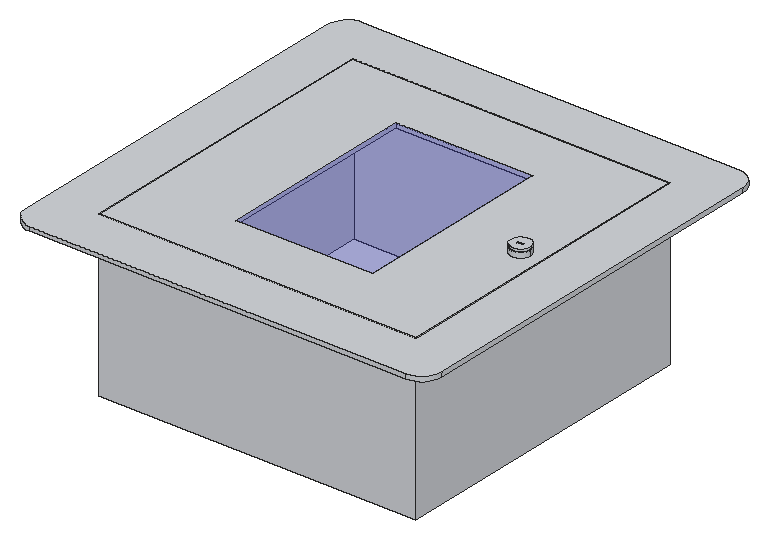
Revit family "MI-VB-SM", category Generic Models, host Face, Revit 2018
Family settings
  Host = Face
  Can host rebar = No
  Round Connector Dimension = Use Diameter
  Part Type = Normal
  Cut with Voids When Loaded = No
  Shared = No
  Room Calculation Point = No
Parameters (values of type "8” x 8” x 4”")
  Width = 0' - 8"
  URL = "WWW.MIFAB.COM"
  Model = "MI-VB-SM"
  Material = none
  Manufacturer = "MIFAB"
  Height = 0' - 8"
  Description = "VALVE BOX"
  Depth = 0' - 4"
  Default Elevation = 4' - 0"
Types (13): name | Width | Height | Depth
  (no name) | 0' - 8" | 0' - 8" | 0' - 4"
  8” x 8” x 4” | 0' - 8" | 0' - 8" | 0' - 4"
  8” x 8” x 6” | 0' - 8" | 0' - 8" | 0' - 6"
  8” x 8” x 8” | 0' - 8" | 0' - 8" | 0' - 8"
  12” x 12” x 4” | 1' - 0" | 1' - 0" | 0' - 4"
  12” x 12” x 6” | 1' - 0" | 1' - 0" | 0' - 6"
  12” x 12” x 8” | 1' - 0" | 1' - 0" | 0' - 8"
  14” x 14” x 4” | 1' - 2" | 1' - 2" | 0' - 4"
  14” x 14” x 6” | 1' - 2" | 1' - 2" | 0' - 6"
  14” x 14” x 8” | 1' - 2" | 1' - 2" | 0' - 8"
  16” x 16” x 4” | 1' - 4" | 1' - 4" | 0' - 4"
  16” x 16” x 6” | 1' - 4" | 1' - 4" | 0' - 6"
  16” x 16” x 8” | 1' - 4" | 1' - 4" | 0' - 8"
Reference planes (in)
  plane 1 "Center (Front/Back)": y = 0
  plane 2: z = 0
  plane 3 "Center (Left/Right)": x = 0
  plane 4: x = -4
  plane 5: x = 4
  plane 6: y = 4
  plane 7: y = -4
  plane 8 "1": x = 3.4375
  plane 9: x = 5.25
  plane 10: x = -5.25
  plane 11: y = 5.25
  plane 12: y = -5.25
  plane 13: z = 0.31435
  plane 14 "2": z = -4
  plane 15: z = 0.10937
  plane 16 "3": z = -3.88572
  plane 17: x = -1.72647
  plane 18: x = 1.72647
  plane 19: y = 2.52058
  plane 20: y = -2.52058
Forms (in)
  Extrusion 1, void
    sketch origin (0, 0, 0) x (1, 0, 0) y (0, 1, 0)
      loop
        line (-4.11811, 4.11811) -> (-4.11811, -4.11811) -> (4.11811, -4.11811) -> (4.11811, 4.11811) -> (-4.11811, 4.11811)
    from -4 to 0
  Sweep 2, solid, material <- "Material"
    path origin (0, 0, 0.07812) x (1, 0, 0) y (0, 1, 0)
      loop
        line (4, 4) -> (-4, 4) -> (-4, -4) -> (4, -4) -> (4, 4)
    profile origin (4, 0, 0.07812) x (1, 0, 0) y (0, 0, 1)
      loop
        line (-0.11648, -4.07812) -> (0, -4.07812) -> (0, 0.03125) -> (-0.11648, 0.03125) -> (-0.11648, -4.07812)
  Sweep 3, solid, material <- "Material"
    path origin (0, 0, 0.07812) x (1, 0, 0) y (0, 1, 0)
      loop
        line (4, 4) -> (-4, 4) -> (-4, -4) -> (4, -4) -> (4, 4)
    profile origin (4, 0, 0.07812) x (1, 0, 0) y (0, 0, 1)
      loop
        line (-0.37646, -0.07813) -> (-0.37646, -0.12527) -> (-0.16431, -0.12527) -> (-0.16431, -0.31211) -> (-0.11648, -0.31211) -> (-0.11648, -0.07813) -> (-0.37646, -0.07813)
  Extrusion 4, solid, material <- "Material"
    sketch origin (0, 0, 0.07812) x (1, 0, 0) y (0, 1, 0)
      loop
        line (-3.88352, 3.88352) -> (-3.88352, -3.88352) -> (3.88352, -3.88352) -> (3.88352, 3.88352) -> (-3.88352, 3.88352)
      loop
        line (1.72647, 2.52058) -> (-1.72647, 2.52058) -> (-1.72647, -2.52058) -> (1.72647, -2.52058) -> (1.72647, 2.52058)
    from -0.07813 to 0.03125
  Extrusion 5, solid
    sketch origin (0, 0, 0) x (1, 0, 0) y (0, 1, 0)
      loop
        line (-4, 4) -> (-4, -4) -> (4, -4) -> (4, 4) -> (-4, 4)
      loop
        arc (-4.75, 5.25) -> (-5.10355, 5.10355) -> (-5.25, 4.75) r 0.5
        line (-5.25, 4.75) -> (-5.25, -4.75)
        arc (-5.25, -4.75) -> (-5.10355, -5.10355) -> (-4.75, -5.25) r 0.5
        line (-4.75, -5.25) -> (4.75, -5.25)
        arc (4.75, -5.25) -> (5.10355, -5.10355) -> (5.25, -4.75) r 0.5
        line (5.25, -4.75) -> (5.25, 4.75)
        arc (5.25, 4.75) -> (5.10355, 5.10355) -> (4.75, 5.25) r 0.5
        line (4.75, 5.25) -> (-4.75, 5.25)
    from 0 to 0.10937
  Extrusion 6, solid, material <- "Material"
    sketch origin (0, 0, 0) x (1, 0, 0) y (0, 1, 0)
      loop
        line (-4, 4) -> (-4, -4) -> (4, -4) -> (4, 4) -> (-4, 4)
    from -4 to -3.88572
  Extrusion 7, solid, material "Glass"
    sketch origin (0, 0, 0) x (1, 0, 0) y (0, 1, 0)
      loop
        line (-1.72647, 2.52058) -> (-1.72647, -2.52058) -> (1.72647, -2.52058) -> (1.72647, 2.52058) -> (-1.72647, 2.52058)
    from 0 to 0.10937
Cuts and joins
  joined: Sweep 2, Extrusion 4, Extrusion 6
Dimensions and locks (in)
  equal spacing: plane 7, plane 1 "Center (Front/Back)", plane 6
  "Height": plane 7 to plane 6
  equal spacing: plane 4, plane 3 "Center (Left/Right)", plane 5
  "Width": plane 4 to plane 5
  locked: plane 8 "1" to plane 5 at 0.5625
  locked: plane 5 to plane 9 at 1.25
  locked: plane 10 to plane 4 at 1.25
  locked: plane 12 to plane 7 at 1.25
  locked: plane 11 to plane 6 at 1.25
  locked: plane 13 to profile plane at 0.23622
  plane 2 to plane 14 "2" = 0' - 4"
  plane 9 to plane 5 = 0' - 1 1/4"
  locked: plane 16 "3" to plane 14 "2" at 0.11428
  "Depth": plane 2 to plane 14 "2"
  equal spacing: plane 20, plane 1 "Center (Front/Back)", plane 19
  equal spacing: plane 17, plane 3 "Center (Left/Right)", plane 18
  aligned and locked: plane 2 to host face
  aligned and locked: level to host face
  aligned and locked: plane 2 to Extrusion 1
  aligned and locked: Extrusion 1 to Sweep 2
  aligned and locked: plane 14 "2" to Sweep 2 sketch curve
  aligned and locked: nested 1 to plane 8 "1"
  aligned and locked: plane 15 to Sweep 2 sketch curve
  aligned and locked: Sweep 2 to Sweep 3 sketch curve
  aligned and locked: Sweep 3 sketch curve to host face
  aligned and locked: Extrusion 4 to Sweep 2  (x4)
  aligned and locked: Extrusion 5 sketch curve to cut or joined group of Sweep 2, Extrusion 4, Extrusion 6  (x4)
  aligned and locked: Extrusion 5 sketch curve to plane 11
  aligned and locked: Extrusion 5 sketch curve to plane 10
  aligned and locked: Extrusion 5 sketch curve to plane 12
  aligned and locked: Extrusion 5 sketch curve to plane 9
  aligned and locked: Extrusion 5 to level
  aligned and locked: plane 15 to Extrusion 5
  aligned and locked: Extrusion 6 sketch curve to cut or joined group of Sweep 2, Extrusion 4, Extrusion 6  (x4)
  aligned and locked: Extrusion 6 to plane 14 "2"
  aligned and locked: plane 16 "3" to Extrusion 6
  aligned and locked: plane 18 to Extrusion 4 sketch curve
  aligned and locked: Extrusion 4 sketch curve to plane 19
  aligned and locked: Extrusion 4 sketch curve to plane 17
  aligned and locked: plane 20 to Extrusion 4 sketch curve
  aligned and locked: Extrusion 7 sketch curve to plane 19
  aligned and locked: Extrusion 7 sketch curve to plane 17
  aligned and locked: plane 18 to Extrusion 7 sketch curve
  aligned and locked: plane 20 to Extrusion 7 sketch curve
  aligned and locked: Extrusion 7 to level
  aligned and locked: plane 15 to Extrusion 7
Automatic sketch dimensions
  host sketch curve to host sketch curve = 2' - 11.04211"
  host sketch curve to host sketch curve = 2' - 10.95233"
  Extrusion 1 sketch curve to plane 4 = 0' - 0.11811"
  Extrusion 1 sketch curve to plane 5 = 0' - 0.11811"
  plane 7 to Extrusion 1 sketch curve = 0' - 0.11811"
  plane 6 to Extrusion 1 sketch curve = 0' - 0.11811"
  Sweep 2 sketch curve to plane 4 = 0' - 0"
  Sweep 2 sketch curve to plane 5 = 0' - 0"
  plane 7 to Sweep 2 sketch curve = 0' - 0"
  Sweep 2 sketch curve to plane 6 = 0' - 0"
  profile plane to Sweep 2 sketch curve = 0' - 0"
  Sweep 2 sketch curve to Sweep 2 sketch curve = 0' - 0.11648"
  Sweep 3 sketch curve to plane 4 = 0' - 0"
  Sweep 3 sketch curve to plane 5 = 0' - 0"
  plane 7 to Sweep 3 sketch curve = 0' - 0"
  Sweep 3 sketch curve to plane 6 = 0' - 0"
  Sweep 3 sketch curve to Sweep 3 sketch curve = 0' - 0.04782"
  Sweep 3 sketch curve to Sweep 3 sketch curve = 0' - 0.21216"
  Sweep 3 sketch curve to Sweep 3 sketch curve = 0' - 0.04715"
  Sweep 3 sketch curve to Sweep 3 sketch curve = 0' - 0.18684"
  plane 4 to Extrusion 4 sketch curve = 0' - 0.11648"
  plane 5 to Extrusion 4 sketch curve = 0' - 0.11648"
  Extrusion 4 sketch curve to plane 7 = 0' - 0.11648"
  Extrusion 4 sketch curve to plane 6 = 0' - 0.11648"
  Extrusion 5 sketch curve to plane 4 = 0' - 0 3/4"
  Extrusion 5 sketch curve to plane 10 = 0' - 0 1/2"
  Extrusion 5 sketch curve to plane 9 = 0' - 0 1/2"  (x2)
Nested families (in)
  nested 1: "Handle" at (3.4375, 0, 0.10937), type "Handle"
Definition of nested family "Handle"
  Parameters (values of type "Handle")
    Material = none
    Default Elevation = 4' - 0"
  Reference planes (in)
    plane 1 "Center (Front/Back)": y = 0
    plane 2: z = 0
    plane 3 "Center (Left/Right)": x = 0
    plane 4: z = 0.46152
  Forms (in)
    Extrusion 1, solid
      sketch origin (0, 0, 0) x (1, 0, 0) y (0, 1, 0)
        loop
          line (-48, 48) -> (-48, -48) -> (48, -48) -> (48, 48) -> (-48, 48)
      from 0 to -12
    Revolve 2, solid
      sketch origin (0, 0, 0) x (1, 0, 0) y (0, 0, 1)
        loop
          line (0, 0) -> (0.25, 0) -> (0.25, 0.12907)
          arc (0.25, 0.12907) -> (0.24341, 0.14499) -> (0.22749, 0.15158) r 0.02251
          line (0.22749, 0.15158) -> (0, 0.15158) -> (0, 0)
        axis (0, 0) -> (0, 0.15158)
      angle from 0 to 360
    Extrusion 3, solid
      sketch origin (-3.78692, 0, -0.49918) x (1, 0, 0) y (0, 1, 0)
        loop
          circle (3.78692, 0) r 0.25
        loop
          line (3.70895, 0.01538) -> (3.70895, -0.01537) -> (3.86488, -0.01537) -> (3.86488, 0.01538) -> (3.70895, 0.01538)
      from 0.64964 to 0.6877
  Dimensions and locks (in)
    aligned and locked: plane 2 to Extrusion 1
    aligned and locked: level to Extrusion 1
